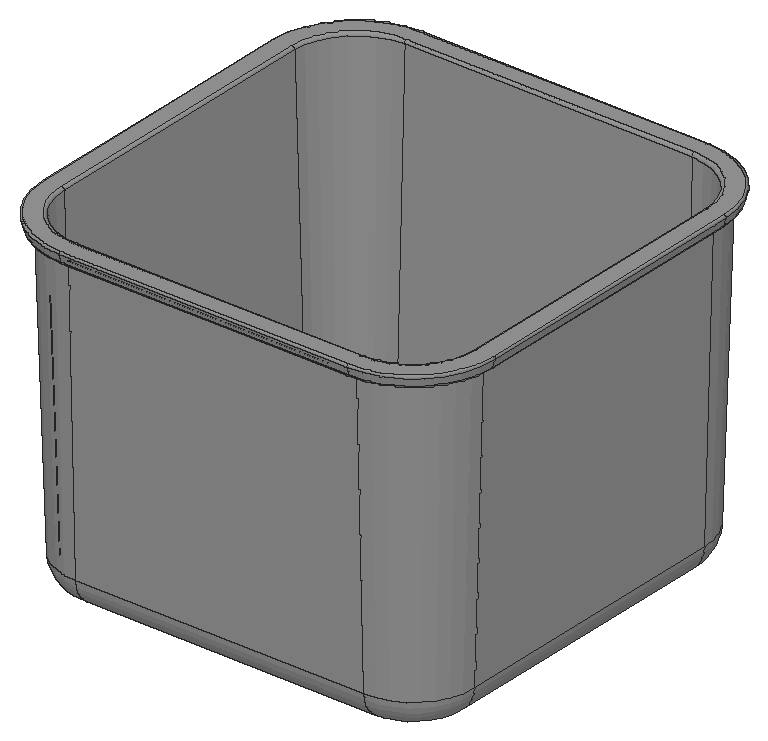
Revit family "Sink_Himacs_CS400S", category Plumbing Fixtures, Revit 2014
Parameters
  Youtube clip = ""
  Width = 440 mm
  Weight Net (Kg) = "13,4"
  Uniclass 2.0 Description = "Wash Basin Systems"
  Uniclass 2.0 Code = "SS-35-65-70-94"
  Uniclass 1.4 Description = "Washbasins"
  Uniclass 1.4 Code = "L7212"
  UNSPSC Code = "301815"
  Technical description = "http://himacs.eu/includes/pdf/LG_Hausys_sinks_technical_datasheet_2014.pdf"
  Region South America = "None"
  Region Oceania = "None"
  Region North America = "None"
  Region Middle East = "None"
  Region Europe = "AT, BE, BG, CH, CS, CY, CZ, DE, DK, EE, ES, FI, FR, GB, GR, HR, HU, IE, IT, LI, LT, LU, LV, MC, MT, NL, NO, PL, PT, RO, RS, SE, SK, UA"
  Region Asia = "None"
  Region Antarctica = "None"
  Region Africa = "None"
  QR code = "http://himacs.bimobject.com/CS400S"
  Product group = "Sinks"
  Product family = "Sinks, Baby Baths & Bowls"
  Product data url = "http://himacs.eu/product/cs400s"
  Product certification = ""
  Product SKU = "CS400S"
  Nominal width = "440"
  Nominal height = "325"
  NBS Reference Description = "Wash Basin Systems"
  NBS Reference Code = "35-65-70-94"
  Material Secondary = Steel_Himacs_CS400S_Polished
  Material Main = Natural Acrylic Stone_Himacs_CS400S_S201 Naugat Cream
  Manufacturer name = "HI-MACS"
  Manufacturer country = "Italy"
  Manufacturer URL = "http://himacs.eu/"
  Installation instructions = "http://himacs.eu/includes/pdf/HI-MACS_Shape-Installation_UK.pdf"
  IFC Classification = "Furnishing Element"
  Height = 325 mm
  Edition number = "1"
  EAN code = ""
  Design country = "Italy"
  Description = "HI-MACS@ Sinks are produced using a high-quality casting technique. No matter which product you choose from our extensive, eminently combinable selection, all sinks are flush-mounted into the countertop or installed below the surface. Special custom-made creations are also an option."
  Depth = 440 mm
  Date of publishing = "2014-10-09"
  COBIe Type Category = ""
  BIMobject category = "Sanitary"
Reference planes
  plane 1 "Center (Front/Back)": y = 0
  plane 2: z = 0
  plane 3 "Center (Left/Right)": x = 0
  plane 4: x = -220
  plane 5: x = 220
  plane 6: y = 220
  plane 7: y = -220
  plane 8: z = 325
Dimensions and locks
  equal spacing: plane 4, plane 3 "Center (Left/Right)", plane 5
  "Width": plane 4 to plane 5
  equal spacing: plane 6, plane 1 "Center (Front/Back)", plane 7
  "Depth": plane 6 to plane 7
  "Height": plane 8 to level
  aligned and locked: level to plane 2
Nested families
  nested 1: "CS400S" at (0, 0, 0), type "CS400S"
Definition of nested family "CS400S"
  Parameters (values of type "CS400S")
    Youtube clip = ""
    Width = 440 mm
    Weight Net (Kg) = "13,4"
    Uniclass 2.0 Description = "Wash Basin Systems"
    Uniclass 2.0 Code = "SS-35-65-70-94"
    Uniclass 1.4 Description = "Washbasins"
    Uniclass 1.4 Code = "L7212"
    UNSPSC Code = "301815"
    Technical description = "http://himacs.eu/includes/pdf/LG_Hausys_sinks_technical_datasheet_2014.pdf"
    Region South America = "None"
    Region Oceania = "None"
    Region North America = "None"
    Region Middle East = "None"
    Region Europe = "AT, BE, BG, CH, CS, CY, CZ, DE, DK, EE, ES, FI, FR, GB, GR, HR, HU, IE, IT, LI, LT, LU, LV, MC, MT, NL, NO, PL, PT, RO, RS, SE, SK, UA"
    Region Asia = "None"
    Region Antarctica = "None"
    Region Africa = "None"
    QR code = "http://himacs.bimobject.com/CS400S"
    Product group = "Sinks"
    Product family = "Sinks, Baby Baths & Bowls"
    Product data url = "http://himacs.eu/product/cs400s"
    Product certification = ""
    Product SKU = "CS400S"
    Nominal width = "440"
    Nominal height = "325"
    NBS Reference Description = "Wash Basin Systems"
    NBS Reference Code = "35-65-70-94"
    Material Secondary = Steel_Himacs_CS400S_Polished
    Material Main = Natural Acrylic Stone_Himacs_CS400S_S201 Naugat Cream
    Manufacturer name = "HI-MACS"
    Manufacturer country = "Italy"
    Manufacturer URL = "http://himacs.eu/"
    Installation instructions = "http://himacs.eu/includes/pdf/HI-MACS_Shape-Installation_UK.pdf"
    IFC Classification = "Furnishing Element"
    Height = 325 mm
    Edition number = "1"
    EAN code = ""
    Design country = "Italy"
    Description = "HI-MACS@ Sinks are produced using a high-quality casting technique. No matter which product you choose from our extensive, eminently combinable selection, all sinks are flush-mounted into the countertop or installed below the surface. Special custom-made creations are also an option."
    Depth = 0 mm
    Date of publishing = "2014-10-09"
    COBIe Type Category = ""
    BIMobject category = "Sanitary"
  Reference planes
    plane 1 "Center (Front/Back)": y = 0
    plane 2: z = 0
    plane 3 "Center (Left/Right)": x = 0
    plane 4: x = -220
    plane 5: x = 220
    plane 6: y = 220
    plane 7: y = -220
    plane 8: z = 325
    plane 9: z = 194.7
    plane 10: z = 25
  Forms (mm)
    Sweep 1, solid, material "Natural Acrylic Stone_Himacs_CS400S_S201 Naugat Cream" <- "Material Main", detail levels fine
      path origin (0, 0, 0) x (1, 0, 0) y (0, 1, 0)
        loop
          arc (-140, 220) -> (-196.569, 196.569) -> (-220, 140) r 80
          line (-220, 140) -> (-220, -140)
          arc (-220, -140) -> (-196.569, -196.569) -> (-140, -220) r 80
          line (-140, -220) -> (140, -220)
          arc (140, -220) -> (196.569, -196.569) -> (220, -140) r 80
          line (220, -140) -> (220, 140)
          arc (220, 140) -> (196.569, 196.569) -> (140, 220) r 80
          line (140, 220) -> (-140, 220)
      profile origin (0, 220, 0) x (0, 1, 0) y (0, 0, 1)
        loop
          line (-1.679, 325) -> (-17.545, 325)
          arc (-17.545, 325) -> (-19.632, 324.155) -> (-20.543, 322.096) r 3
          line (-20.543, 322.096) -> (-29.928, 29.527)
          arc (-29.928, 29.527) -> (-36.004, 15.801) -> (-49.918, 10.169) r 20
          line (-49.918, 10.169) -> (-79.814, 10.169) -> (-79.814, 0.387) -> (-50.223, 0.387)
          arc (-50.223, 0.387) -> (-29.353, 8.837) -> (-20.238, 29.425) r 30
          line (-20.238, 29.425) -> (-11.218, 310.64)
          arc (-11.218, 310.64) -> (-10.142, 312.82) -> (-7.877, 313.701) r 3.354
          line (-7.877, 313.701) -> (-4.024, 313.701)
          arc (-4.024, 313.701) -> (-2.806, 314.114) -> (-2.092, 315.183) r 2
          line (-2.092, 315.183) -> (-0.036, 322.858)
          arc (-0.036, 322.858) -> (-0.329, 324.334) -> (-1.679, 325) r 1.702
    Extrusion 2, void
      sketch origin (0, -121.354, 0) x (1, 0, 0) y (0, 1, 0)
        loop
          circle (0.004, 208.699) r 25
      from -17.265 to 24.113
    Revolve 3, solid, material "Steel_Himacs_CS400S_Polished" <- "Material Secondary", detail levels fine
      sketch origin (0.004, -41.65, 4.571) x (0, 0.999891, -0.014769) y (0, 0.014769, 0.999891)
        loop
          line (104.037, 7.479) -> (104.175, -1.852) -> (93.771, -2.005)
          arc (93.771, -2.005) -> (100.366, -3.379) -> (107.102, -3.288) r 30.851
          line (107.102, -3.288) -> (106.97, 5.639) -> (129.115, 5.966) -> (129.074, 8.727) -> (104.091, 8.358)
          arc (104.091, 8.358) -> (103.886, 8.818) -> (103.412, 8.986) r 0.639
          arc (103.412, 8.986) -> (97.346, 8.369) -> (91.344, 7.292) r 80.068
          line (91.344, 7.292) -> (104.037, 7.479)
        axis (129.064, 9.365) -> (129.247, -2.961)
      angle from 0 to 360
    Extrusion 4, void
      sketch origin (0.186, -28.702, 0) x (1, 0, 0) y (0, 1, 0)
        loop
          line (-22, 118.294) -> (-22, 115.713) -> (-2.928, 115.713) -> (-2.928, 118.294) -> (-22, 118.294)
        loop
          line (21.255, 118.294) -> (2.555, 118.294) -> (2.555, 115.713) -> (21.255, 115.713) -> (21.255, 118.294)
        loop
          line (1.104, 137.748) -> (-1.477, 137.748) -> (-1.477, 120.057) -> (1.104, 120.057) -> (1.104, 137.748)
        loop
          line (1.104, 94.582) -> (1.104, 114.262) -> (-1.477, 114.262) -> (-1.477, 94.582) -> (1.104, 94.582)
      from 3.617 to 19.093
    Extrusion 5, solid, material "Natural Acrylic Stone_Himacs_CS400S_S201 Naugat Cream" <- "Material Main", detail levels fine
      sketch origin (0, 0, 0) x (1, 0, 0) y (0, 1, 0)
        loop
          line (-140.186, 140.186) -> (-140.186, -140.186) -> (140.186, -140.186) -> (140.186, 140.186) -> (-140.186, 140.186)
      from 0.387 to 10.169
    Extrusion 6, solid, detail levels coarse
      sketch origin (0, 0, 0) x (1, 0, 0) y (0, 1, 0)
        loop
          arc (-135, 220) -> (-195.104, 195.104) -> (-220, 135) r 85
          line (-220, 135) -> (-220, -140)
          arc (-220, -140) -> (-196.569, -196.569) -> (-140, -220) r 80
          line (-140, -220) -> (140, -220)
          arc (140, -220) -> (196.569, -196.569) -> (220, -140) r 80
          line (220, -140) -> (220, 140)
          arc (220, 140) -> (196.569, 196.569) -> (140, 220) r 80
          line (140, 220) -> (-135, 220)
      from 0 to 336.895
    Extrusion 7, solid, detail levels medium
      sketch origin (0, 0, 0) x (1, 0, 0) y (0, 1, 0)
        loop
          arc (-140, 220) -> (-196.569, 196.569) -> (-220, 140) r 80
          line (-220, 140) -> (-220, -140)
          arc (-220, -140) -> (-196.569, -196.569) -> (-140, -220) r 80
          line (-140, -220) -> (140, -220)
          arc (140, -220) -> (196.569, -196.569) -> (220, -140) r 80
          line (220, -140) -> (220, 140)
          arc (220, 140) -> (196.569, 196.569) -> (140, 220) r 80
          line (140, 220) -> (-140, 220)
        loop
          line (140, 200) -> (-135, 200)
          arc (-135, 200) -> (-180.962, 180.962) -> (-200, 135) r 65
          line (-200, 135) -> (-200, -140)
          arc (-200, -140) -> (-182.426, -182.426) -> (-140, -200) r 60
          line (-140, -200) -> (140, -200)
          arc (140, -200) -> (182.426, -182.426) -> (200, -140) r 60
          line (200, -140) -> (200, 140)
          arc (200, 140) -> (182.426, 182.426) -> (140, 200) r 60
      from 0 to 323.845
    Extrusion 8, solid, detail levels medium
      sketch origin (0, 0, 0) x (1, 0, 0) y (0, 1, 0)
        loop
          line (140, 200) -> (-140, 200)
          arc (-140, 200) -> (-182.426, 182.426) -> (-200, 140) r 60
          line (-200, 140) -> (-200, -140)
          arc (-200, -140) -> (-182.426, -182.426) -> (-140, -200) r 60
          line (-140, -200) -> (140, -200)
          arc (140, -200) -> (182.426, -182.426) -> (200, -140) r 60
          line (200, -140) -> (200, 140)
          arc (200, 140) -> (182.426, 182.426) -> (140, 200) r 60
      from 0 to 20.432
  Cuts and joins
    Extrusion 4 cuts Revolve 3
    Extrusion 2 cuts Extrusion 5
  Lines and regions (mm)
    symbolic lines
      curve 1: spline (0.004, 125.279, 0) -> (9.774, 123.993, 0) -> (18.878, 120.222, 0) -> (26.696, 114.224, 0) -> (32.694, 106.408, 0) -> (36.465, 97.305, 0) -> (37.751, 87.536, 0) -> (36.465, 77.767, 0) -> (32.694, 68.665, 0) -> (26.696, 60.848, 0) -> (18.878, 54.85, 0) -> (9.774, 51.079, 0) -> (0.004, 49.793, 0)
      curve 2: spline (0.004, 49.793, 0) -> (-9.765, 51.079, 0) -> (-18.869, 54.85, 0) -> (-26.687, 60.848, 0) -> (-32.686, 68.665, 0) -> (-36.457, 77.767, 0) -> (-37.743, 87.536, 0) -> (-36.457, 97.305, 0) -> (-32.686, 106.408, 0) -> (-26.687, 114.224, 0) -> (-18.869, 120.222, 0) -> (-9.765, 123.993, 0) -> (0.004, 125.279, 0)
      curve 21: line (-218.302, 0, 325) -> (218.302, 0, 325)
      curve 22: line (-217.928, 0, 315.219) -> (-219.968, 0, 322.829)
      curve 23: line (-212.053, 0, 313.667) -> (-215.905, 0, 313.667)
      curve 24: line (-208.822, 0, 310.654) -> (-199.732, 0, 29.547)
      curve 25: arc (-215.905, 0, 313.667) -> (-217.18, 0, 314.1) -> (-217.928, 0, 315.219) r 2.095
      curve 26: arc (-219.968, 0, 322.829) -> (-219.67, 0, 324.325) -> (-218.302, 0, 325) r 1.724
      curve 27: arc (-208.822, 0, 310.654) -> (-209.844, 0, 312.797) -> (-212.053, 0, 313.667) r 3.239
      curve 28: line (217.928, 0, 315.219) -> (219.968, 0, 322.829)
      curve 29: line (212.048, 0, 313.667) -> (215.905, 0, 313.667)
      curve 30: line (208.813, 0, 310.654) -> (199.739, 0, 29.549)
      curve 31: arc (215.905, 0, 313.667) -> (217.18, 0, 314.1) -> (217.928, 0, 315.219) r 2.095
      curve 32: arc (219.968, 0, 322.829) -> (219.67, 0, 324.325) -> (218.302, 0, 325) r 1.724
      curve 33: arc (208.813, 0, 310.654) -> (209.837, 0, 312.797) -> (212.048, 0, 313.667) r 3.242
      curve 34: line (-169.748, 0, 0.517) -> (169.754, 0, 0.517)
      curve 36: line (0, 218.292, 325) -> (0, -218.292, 325)
      curve 37: line (0, 217.963, 315.338) -> (0, 219.967, 322.816)
      curve 38: line (0, 212.14, 313.718) -> (0, 215.852, 313.718)
      curve 39: line (0, 208.782, 310.64) -> (0, 199.687, 25.283)
      curve 40: arc (0, 199.687, 25.283) -> (0, 189.266, 7.043) -> (0, 169.476, 0) r 30.223
      curve 41: line (0, 169.476, 0) -> (0, -169.85, 0)
      curve 42: line (0, -199.835, 29.048) -> (0, -208.772, 310.641)
      curve 43: arc (0, 219.967, 322.816) -> (0, 219.668, 324.321) -> (0, 218.292, 325) r 1.735
      curve 44: arc (0, 215.852, 313.718) -> (0, 217.183, 314.169) -> (0, 217.963, 315.338) r 2.186
      curve 45: arc (0, 208.782, 310.64) -> (0, 209.863, 312.832) -> (0, 212.14, 313.718) r 3.371
      curve 46: line (0, -217.963, 315.338) -> (0, -219.967, 322.816)
      curve 47: line (0, -212.14, 313.718) -> (0, -215.852, 313.718)
      curve 48: arc (0, -219.967, 322.816) -> (0, -219.668, 324.321) -> (0, -218.292, 325) r 1.735
      curve 49: arc (0, -215.852, 313.718) -> (0, -217.183, 314.169) -> (0, -217.963, 315.338) r 2.186
      curve 50: arc (0, -208.782, 310.64) -> (0, -209.863, 312.832) -> (0, -212.14, 313.718) r 3.371
      curve 52: line (-140, 220, 0) -> (140, 220, 0)
      curve 53: line (-220, -140, 0) -> (-220, 140, 0)
      curve 54: line (140, -220, 0) -> (-140, -220, 0)
      curve 55: line (220, 140, 0) -> (220, -140, 0)
      curve 56: arc (-220, 140, 0) -> (-196.569, 196.569, 0) -> (-140, 220, 0) r 80
      curve 57: arc (140, 220, 0) -> (196.569, 196.569, 0) -> (220, 140, 0) r 80
      curve 58: arc (-220, -140, 0) -> (-196.569, -196.569, 0) -> (-140, -220, 0) r 80
      curve 59: arc (140, -220, 0) -> (196.569, -196.569, 0) -> (220, -140, 0) r 80
      curve 68: arc (169.754, 0, 0.517) -> (190.623, 0, 8.964) -> (199.739, 0, 29.549) r 30
      curve 69: arc (-199.732, 0, 29.547) -> (-190.615, 0, 8.964) -> (-169.748, 0, 0.517) r 30
      curve 70: arc (0, -199.835, 29.048) -> (0, -190.724, 8.453) -> (0, -169.85, 0) r 30
    symbolic lines, detail levels medium+fine
      curve 3: arc (25.004, 87.345, 0) -> (0.004, 112.345, 0) -> (-24.996, 87.345, 0) r 25
      curve 4: arc (-24.996, 87.345, 0) -> (0.004, 62.345, 0) -> (25.004, 87.345, 0) r 25
      curve 35: line (-212.053, 0, 313.667) -> (212.048, 0, 313.667)
      curve 51: line (0, 212.14, 313.718) -> (0, -212.14, 313.718)
      curve 60: arc (200, 140, 0) -> (182.426, 182.426, 0) -> (140, 200, 0) r 60
      curve 61: line (140, 200, 0) -> (-140, 200, 0)
      curve 62: arc (-140, 200, 0) -> (-182.426, 182.426, 0) -> (-200, 140, 0) r 60
      curve 63: line (-200, 140, 0) -> (-200, -140, 0)
      curve 64: arc (-200, -140, 0) -> (-182.426, -182.426, 0) -> (-140, -200, 0) r 60
      curve 65: line (-140, -200, 0) -> (140, -200, 0)
      curve 66: arc (140, -200, 0) -> (182.426, -182.426, 0) -> (200, -140, 0) r 60
      curve 67: line (200, -140, 0) -> (200, 140, 0)
    symbolic lines, detail levels fine
      curve 5: line (-21.814, 89.593, 0) -> (-2.742, 89.593, 0)
      curve 6: line (-2.742, 89.593, 0) -> (-2.742, 87.011, 0)
      curve 7: line (-2.742, 87.011, 0) -> (-21.814, 87.011, 0)
      curve 8: line (-21.814, 87.011, 0) -> (-21.814, 89.593, 0)
      curve 9: line (1.29, 91.356, 0) -> (1.29, 109.046, 0)
      curve 10: line (1.29, 109.046, 0) -> (-1.292, 109.046, 0)
      curve 11: line (-1.292, 109.046, 0) -> (-1.292, 91.356, 0)
      curve 12: line (-1.292, 91.356, 0) -> (1.29, 91.356, 0)
      curve 13: line (1.29, 65.88, 0) -> (1.29, 85.56, 0)
      curve 14: line (1.29, 85.56, 0) -> (-1.292, 85.56, 0)
      curve 15: line (-1.292, 85.56, 0) -> (-1.292, 65.88, 0)
      curve 16: line (-1.292, 65.88, 0) -> (1.29, 65.88, 0)
      curve 17: line (2.74, 87.011, 0) -> (21.44, 87.011, 0)
      curve 18: line (2.74, 89.593, 0) -> (2.74, 87.011, 0)
      curve 19: line (21.44, 89.593, 0) -> (2.74, 89.593, 0)
      curve 20: line (21.44, 87.011, 0) -> (21.44, 89.593, 0)
  Dimensions and locks
    equal spacing: plane 4, plane 3 "Center (Left/Right)", plane 5
    "Width": plane 4 to plane 5
    equal spacing: plane 6, plane 1 "Center (Front/Back)", plane 7
    plane 6 to plane 7 = 440 mm
    "Height": plane 8 to level
    aligned and locked: level to plane 2
    aligned and locked: Sweep 1 to Extrusion 5
    aligned and locked: curve 52 to plane 6
    aligned and locked: plane 4 to curve 53
    aligned and locked: plane 7 to curve 54
    aligned and locked: curve 55 to plane 5
    aligned and locked: Sweep 1 to cut or joined group of Extrusion 2, Extrusion 5
  Automatic sketch dimensions
    Sweep 1 sketch curve to plane 4 = 0 mm
    Sweep 1 sketch curve to plane 7 = 0 mm
    Sweep 1 sketch curve to plane 6 = 0 mm
    Sweep 1 sketch curve to plane 5 = 0 mm
    plane 3 "Center (Left/Right)" to Extrusion 2 sketch curve = 0.004 mm
    Extrusion 4 sketch curve to plane 3 "Center (Left/Right)" = 21.814 mm
    Extrusion 4 sketch curve to plane 3 "Center (Left/Right)" = 2.742 mm
    Extrusion 4 sketch curve to plane 3 "Center (Left/Right)" = 1.292 mm  (x2)
    plane 3 "Center (Left/Right)" to Extrusion 4 sketch curve = 1.29 mm  (x2)
    Extrusion 4 sketch curve to Extrusion 4 sketch curve = 1.451 mm  (x3)
    Extrusion 4 sketch curve to Extrusion 4 sketch curve = 18.7 mm
    Extrusion 4 sketch curve to Extrusion 4 sketch curve = 19.68 mm
    Extrusion 4 sketch curve to Extrusion 4 sketch curve = 2.582 mm  (x2)
    Extrusion 4 sketch curve to Extrusion 4 sketch curve = 1.763 mm
    Extrusion 4 sketch curve to Extrusion 4 sketch curve = 17.691 mm
    Extrusion 2 sketch curve to plane 1 "Center (Front/Back)" = 87.345 mm
    Extrusion 4 sketch curve to plane 1 "Center (Front/Back)" = 65.88 mm
    plane 4 to Sweep 1 sketch curve = 80 mm  (x2)
    Sweep 1 sketch curve to plane 5 = 80 mm
    Sweep 1 sketch curve to Sweep 1 sketch curve = 80 mm
    plane 4 to Extrusion 5 sketch curve = 79.814 mm
    Extrusion 5 sketch curve to plane 6 = 79.814 mm
    Extrusion 5 sketch curve to plane 5 = 79.814 mm
    plane 7 to Extrusion 5 sketch curve = 79.814 mm
    level to Revolve 3 sketch curve = 10.513 mm
    Revolve 3 sketch curve to plane 1 "Center (Front/Back)" = 49.792 mm
    Revolve 3 sketch curve to Revolve 3 sketch curve = 2.428 mm
    Revolve 3 sketch curve to Revolve 3 sketch curve = 11.978 mm
    Revolve 3 sketch curve to Revolve 3 sketch curve = 12.108 mm
    Revolve 3 sketch curve to Revolve 3 sketch curve = 0.584 mm
    Revolve 3 sketch curve to Revolve 3 sketch curve = 0.638 mm
    Revolve 3 sketch curve to Revolve 3 sketch curve = 0.138 mm
    Revolve 3 sketch curve to Revolve 3 sketch curve = 2.933 mm
    Revolve 3 sketch curve to Revolve 3 sketch curve = 2.927 mm
    Revolve 3 sketch curve to Revolve 3 sketch curve = 1.376 mm
    Revolve 3 sketch curve to Revolve 3 sketch curve = 22.104 mm
    Revolve 3 sketch curve to Revolve 3 sketch curve = 0.041 mm
    Revolve 3 sketch curve to Revolve 3 sketch curve = 1.326 mm
    Revolve 3 sketch curve to Revolve 3 sketch curve = 1.653 mm
    Revolve 3 sketch curve to Revolve 3 sketch curve = 1.437 mm
    Revolve 3 sketch curve to Revolve 3 sketch curve = 67.633 mm
    Revolve 3 sketch curve to Revolve 3 sketch curve = 0.009 mm
    Revolve 3 sketch curve to Revolve 3 sketch curve = 0.007 mm
    Revolve 3 sketch curve to Revolve 3 sketch curve = 0.021 mm
    Revolve 3 sketch curve to Revolve 3 sketch curve = 0.447 mm
    Revolve 3 sketch curve to Revolve 3 sketch curve = 1.397 mm
    curve 56 to curve 62 = 0 mm  (x2)
    curve 57 to curve 60 = 0 mm  (x2)
    curve 58 to curve 64 = 0 mm  (x2)
    curve 59 to curve 66 = 0 mm
    curve 53 to curve 63 = 20 mm
    curve 63 to curve 64 = 60 mm
    curve 62 to curve 62 = 60 mm
    curve 7 to plane 3 "Center (Left/Right)" = 21.814 mm
    curve 6 to plane 3 "Center (Left/Right)" = 2.742 mm
    curve 11 to plane 3 "Center (Left/Right)" = 1.292 mm
    curve 15 to plane 3 "Center (Left/Right)" = 1.292 mm
    plane 3 "Center (Left/Right)" to curve 4 = 0.004 mm
    plane 3 "Center (Left/Right)" to curve 13 = 1.29 mm
    plane 3 "Center (Left/Right)" to curve 9 = 1.29 mm
    curve 9 to curve 18 = 1.451 mm
    curve 18 to curve 19 = 18.7 mm
    curve 60 to curve 60 = 60 mm
    curve 65 to plane 5 = 80 mm
    curve 13 to plane 1 "Center (Front/Back)" = 65.88 mm
    curve 13 to curve 13 = 19.68 mm
    curve 13 to curve 20 = 1.451 mm
    curve 14 to curve 6 = 1.451 mm
    curve 13 to curve 3 = 1.785 mm
    curve 17 to curve 19 = 2.582 mm
    curve 6 to curve 6 = 2.582 mm
    curve 5 to curve 11 = 1.763 mm
    curve 9 to curve 9 = 17.691 mm
    curve 1 to curve 7 = 15.928 mm
    curve 2 to curve 1 = 0 mm
    curve 3 to curve 7 = 3.181 mm
    plane 3 "Center (Left/Right)" to curve 2 = 0.004 mm
    curve 1 to curve 13 = 16.087 mm
    curve 3 to curve 1 = 0.191 mm
    curve 26 to plane 8 = 0 mm
    plane 4 to curve 22 = 0.032 mm
    plane 4 to curve 26 = 1.698 mm
    plane 4 to curve 22 = 2.072 mm
    curve 22 to curve 23 = 2.023 mm
    curve 25 to curve 27 = 3.852 mm
    curve 27 to curve 24 = 3.231 mm
    plane 10 to curve 24 = 4.547 mm
    plane 4 to curve 24 = 20.268 mm
    plane 10 to curve 69 = 5.517 mm
    curve 69 to curve 69 = 29.984 mm
    plane 10 to curve 68 = 5.517 mm
    curve 68 to plane 5 = 50.246 mm
    plane 10 to curve 30 = 4.549 mm
    curve 30 to plane 5 = 11.187 mm
    curve 33 to curve 33 = 3.234 mm
    curve 31 to plane 5 = 4.095 mm
    curve 28 to plane 5 = 2.072 mm
    curve 21 to plane 5 = 1.698 mm
    curve 28 to plane 5 = 0.032 mm
    curve 33 to plane 8 = 14.575 mm
    curve 27 to curve 26 = 14.572 mm
    curve 33 to curve 30 = 0.229 mm
    curve 29 to curve 28 = 1.552 mm
    curve 23 to curve 22 = 1.552 mm
    curve 28 to plane 8 = 2.171 mm
    curve 22 to plane 8 = 2.171 mm
    curve 48 to plane 8 = 0 mm
    curve 41 to level = 0 mm
    plane 7 to curve 46 = 0.033 mm
    plane 7 to curve 36 = 1.708 mm
    plane 7 to curve 46 = 2.037 mm
    curve 46 to curve 47 = 2.112 mm
    curve 47 to curve 51 = 3.712 mm
    plane 10 to curve 42 = 4.048 mm
    plane 7 to curve 42 = 20.165 mm
    curve 70 to curve 41 = 29.985 mm
    curve 41 to plane 6 = 50.524 mm
    plane 10 to curve 40 = 5.22 mm
    curve 41 to curve 40 = 0.394 mm
    plane 10 to curve 39 = 0.283 mm
    curve 39 to plane 6 = 11.218 mm
    curve 39 to curve 38 = 3.358 mm
    curve 44 to plane 6 = 4.148 mm
    curve 37 to plane 6 = 2.037 mm
    curve 43 to plane 6 = 1.708 mm
    curve 37 to plane 6 = 0.033 mm
    curve 50 to plane 8 = 14.653 mm
    curve 45 to plane 8 = 14.653 mm
    curve 45 to curve 39 = 0.294 mm
    curve 49 to curve 46 = 1.62 mm
    curve 38 to curve 37 = 1.62 mm
    curve 37 to plane 8 = 2.184 mm
    curve 46 to plane 8 = 2.184 mm
    curve 50 to curve 50 = 3.358 mm
    curve 50 to curve 42 = 0.01 mm
    curve 50 to curve 42 = 0.001 mm
    level to Sweep 1 sketch curve = 0.387 mm
    profile plane to Sweep 1 sketch curve = 79.814 mm
    Sweep 1 sketch curve to Sweep 1 sketch curve = 29.591 mm
    Sweep 1 sketch curve to Sweep 1 sketch curve = 0.305 mm
    Sweep 1 sketch curve to Sweep 1 sketch curve = 19.99 mm
    profile plane to Sweep 1 sketch curve = 20.543 mm
    Sweep 1 sketch curve to Sweep 1 sketch curve = 9.689 mm
    Sweep 1 sketch curve to Sweep 1 sketch curve = 2.998 mm
    profile plane to Sweep 1 sketch curve = 11.218 mm
    Sweep 1 sketch curve to Sweep 1 sketch curve = 3.341 mm
    profile plane to Sweep 1 sketch curve = 4.024 mm
    Sweep 1 sketch curve to Sweep 1 sketch curve = 1.932 mm
    profile plane to Sweep 1 sketch curve = 1.679 mm
    profile plane to Sweep 1 sketch curve = 0.036 mm
    Sweep 1 sketch curve to Sweep 1 sketch curve = 9.781 mm
    level to Sweep 1 sketch curve = 29.425 mm
    Sweep 1 sketch curve to Sweep 1 sketch curve = 0.102 mm
    plane 9 to Sweep 1 sketch curve = 115.647 mm
    Sweep 1 sketch curve to Sweep 1 sketch curve = 0.293 mm
    Sweep 1 sketch curve to Sweep 1 sketch curve = 1.482 mm
    Sweep 1 sketch curve to Sweep 1 sketch curve = 8.299 mm
    Sweep 1 sketch curve to Sweep 1 sketch curve = 0.096 mm
    Sweep 1 sketch curve to Sweep 1 sketch curve = 2.142 mm
    Extrusion 6 sketch curve to plane 4 = 0 mm
    Extrusion 6 sketch curve to plane 7 = 0 mm
    Extrusion 6 sketch curve to plane 6 = 0 mm
    Extrusion 6 sketch curve to plane 5 = 0 mm
    plane 4 to Extrusion 6 sketch curve = 80 mm
    Extrusion 6 sketch curve to Extrusion 6 sketch curve = 85 mm
    Extrusion 6 sketch curve to plane 5 = 80 mm
    Extrusion 6 sketch curve to Extrusion 6 sketch curve = 80 mm
    Extrusion 7 sketch curve to Extrusion 7 sketch curve = 0 mm  (x6)
    Extrusion 7 sketch curve to plane 4 = 0 mm
    Extrusion 7 sketch curve to plane 7 = 0 mm
    Extrusion 7 sketch curve to plane 6 = 0 mm
    Extrusion 7 sketch curve to plane 5 = 0 mm
    plane 4 to Extrusion 7 sketch curve = 20 mm
    Extrusion 7 sketch curve to Extrusion 7 sketch curve = 60 mm  (x4)
    Extrusion 7 sketch curve to Extrusion 7 sketch curve = 5 mm
    plane 4 to Extrusion 8 sketch curve = 20 mm
    plane 7 to Extrusion 8 sketch curve = 20 mm
    plane 4 to Extrusion 8 sketch curve = 80 mm  (x2)
    Extrusion 8 sketch curve to plane 6 = 20 mm
    Extrusion 8 sketch curve to plane 5 = 80 mm  (x2)
    Extrusion 8 sketch curve to plane 5 = 20 mm
    radius of Extrusion 2 sketch curve = 25 mm
